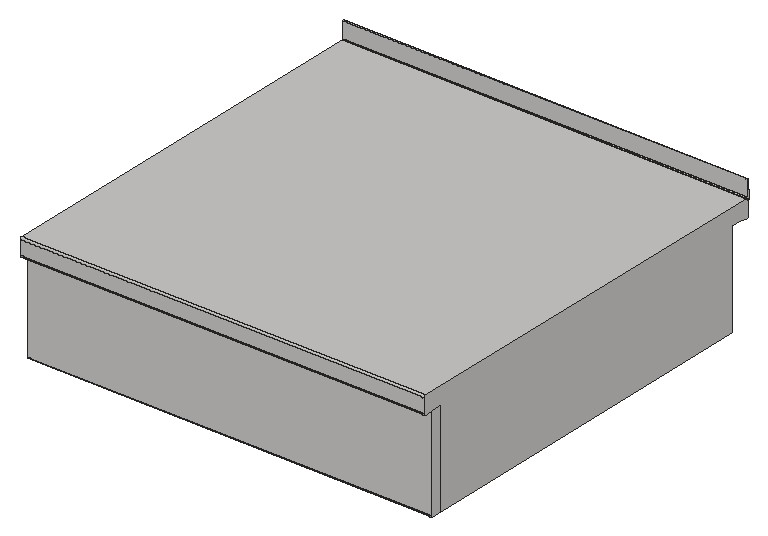
Revit family "QF_ELECTROLUXPROFESSIONAL_589167_MCNABBIOOO", category Specialty Equipment, Revit 2018
Family settings
  Round Connector Dimension = Use Diameter
  Part Type = Normal
  Work Plane-Based = No
  Always vertical = Yes
  Cut with Voids When Loaded = No
  Shared = No
  Room Calculation Point = No
Parameters
  Weight in Pounds = 70.54
  URL Cutsheet = "www.electrolux.com/professional"
  URL = "www.electrolux.com/professional"
  Type Mark [instance] = ""
  Status [instance] = ""
  Specification by User [instance] = ""
  Specification by Manufacturer = ""
  Serial Number = ""
  Seismic Rating = ""
  SMACNA No = ""
  Revision Code [instance] = ""
  Omniclass Number and Title = ""
  NAFEM Spec ID Number = ""
  Model = "589167"
  Masterspec = ""
  Manufacturer = "ELECTROLUX"
  Item Number [instance] = ""
  Installed By [instance] = ""
  Identify Quantity as Lot [instance] = yes
  Furnished By [instance] = ""
  Foodservice Equipment Identifier [instance] = yes
  Direct Waste Size = 0"
  Description = "WORK TOP,CLOSED,1-S,BACKSPL,900X900X250H"
  CSI MasterFormat = ""
  CSI Master Format = ""
Reference planes
  plane 1 "BACK": y = 0
  plane 2: z = 0
  plane 3 "LEFT": x = 0
  plane 4 "RIGHT": x = 900
  plane 5 "FRONT": y = -900
  plane 6 "TOP": z = 250
  plane 7 "Center Y": x = 450
  plane 8 "Center X": y = -450
  plane 9: z = 288
Forms (mm)
  Extrusion 1, solid, material "QF_Finishes_Stainless Steel"
    sketch origin (0, 50.048, 0) x (0, 1, 0) y (0, 0, 1)
      loop
        line (-95.048, 213) -> (-71.412, 213) -> (-54.743, 210.061)
        arc (-54.743, 210.061) -> (-51.477, 210.936) -> (-50.048, 214) r 4
        line (-50.048, 214) -> (-50.048, 246)
        arc (-50.048, 246) -> (-51.22, 248.828) -> (-54.048, 250) r 4
        line (-54.048, 250) -> (-946.048, 250)
        arc (-946.048, 250) -> (-948.877, 248.828) -> (-950.048, 246) r 4
        line (-950.048, 246) -> (-950.048, 214)
        arc (-950.048, 214) -> (-948.619, 210.936) -> (-945.353, 210.061) r 4
        line (-945.353, 210.061) -> (-928.509, 213) -> (-905.048, 213) -> (-905.048, 0) -> (-95.048, 0) -> (-95.048, 213)
    from 0 to 900
  Extrusion 2, solid, material "QF_Finishes_Stainless Steel"
    sketch origin (0, 50.048, 0) x (0, 1, 0) y (0, 0, 1)
      loop
        arc (-928.048, 213) -> (-929.462, 212.414) -> (-930.048, 211) r 2
        line (-930.048, 211) -> (-930.048, 2)
        arc (-930.048, 2) -> (-929.462, 0.586) -> (-928.048, 0) r 2
        line (-928.048, 0) -> (-905.048, 0) -> (-905.048, 213) -> (-928.048, 213)
    from 0 to 900
  Extrusion 3, solid, material "QF_Finishes_Stainless Steel"
    sketch origin (0, -950.048, 0) x (0, -1, 0) y (0, 0, -1)
      loop
        arc (-948.097, -252.006) -> (-947.511, -250.592) -> (-946.097, -250.006) r 2
        arc (-946.097, -250.006) -> (-948.877, -248.828) -> (-950.048, -246) r 4
        line (-950.048, -246) -> (-950.048, -288.006) -> (-948.097, -288.006) -> (-948.097, -252.006)
    from 0 to 900
Lines and regions (mm)
  symbolic lines
    curve 1: line (0, 0, 0) -> (900, 0, 0)
    curve 2: line (0, -900, 0) -> (0, 0, 0)
    curve 3: line (900, -900, 0) -> (0, -900, 0)
    curve 4: line (900, 0, 0) -> (900, -900, 0)
    curve 5: line (0, -1.951, 0) -> (900, -1.951, 0)
Dimensions and locks
  equal spacing: plane 3 "LEFT", plane 7 "Center Y", plane 4 "RIGHT"
  plane 3 "LEFT" to plane 4 "RIGHT" = 900.00 mm
  equal spacing: plane 5 "FRONT", plane 8 "Center X", plane 1 "BACK"
  plane 5 "FRONT" to plane 1 "BACK" = 900.00 mm
  plane 6 "TOP" to level = 250.00 mm
  plane 9 to level = 288.00 mm
  plane 9 to plane 6 "TOP" = 38.00 mm
  aligned and locked: level to plane 2
  aligned and locked: Extrusion 1 to plane 4 "RIGHT"
  aligned and locked: Extrusion 2 to plane 4 "RIGHT"
  aligned and locked: Extrusion 3 to plane 4 "RIGHT"
Automatic sketch dimensions
  Extrusion 1 sketch curve to plane 5 "FRONT" = 0.00 mm
  Extrusion 1 sketch curve to plane 6 "TOP" = 0.00 mm
  Extrusion 1 sketch curve to level = 0.00 mm
  Extrusion 1 sketch curve to plane 1 "BACK" = 0.00 mm
  Extrusion 1 sketch curve to plane 5 "FRONT" = 4.695 mm
  Extrusion 1 sketch curve to plane 6 "TOP" = 39.939 mm
  Extrusion 1 sketch curve to plane 5 "FRONT" = 4.00 mm  (x2)
  Extrusion 1 sketch curve to Extrusion 1 sketch curve = 16.844 mm
  Extrusion 1 sketch curve to plane 5 "FRONT" = 45.00 mm
  plane 1 "BACK" to Extrusion 1 sketch curve = 45.00 mm
  plane 1 "BACK" to Extrusion 1 sketch curve = 21.364 mm
  plane 1 "BACK" to Extrusion 1 sketch curve = 4.00 mm
  plane 1 "BACK" to Extrusion 1 sketch curve = 4.695 mm
  Extrusion 1 sketch curve to Extrusion 1 sketch curve = 0.00 mm  (x2)
  Extrusion 1 sketch curve to Extrusion 1 sketch curve = 4.00 mm
  Extrusion 1 sketch curve to plane 6 "TOP" = 37.00 mm  (x2)
  Extrusion 1 sketch curve to Extrusion 1 sketch curve = 1.00 mm
  Extrusion 2 sketch curve to level = 0.00 mm
  Extrusion 2 sketch curve to plane 5 "FRONT" = 20.00 mm
  level to Extrusion 2 sketch curve = 2.00 mm
  Extrusion 2 sketch curve to Extrusion 2 sketch curve = 2.00 mm
  Extrusion 2 sketch curve to Extrusion 2 sketch curve = 23.00 mm
  Extrusion 2 sketch curve to plane 6 "TOP" = 39.00 mm
  Extrusion 3 sketch curve to plane 1 "BACK" = 0.00 mm  (x2)
  Extrusion 3 sketch curve to plane 6 "TOP" = 2.006 mm
  Extrusion 3 sketch curve to plane 6 "TOP" = 0.00 mm
  Extrusion 3 sketch curve to plane 9 = 0.006 mm
  Extrusion 3 sketch curve to Extrusion 3 sketch curve = 1.951 mm
  Extrusion 3 sketch curve to Extrusion 3 sketch curve = 2.00 mm
  Extrusion 3 sketch curve to Extrusion 3 sketch curve = 0.049 mm
  Extrusion 3 sketch curve to Extrusion 3 sketch curve = 0.00 mm
  plane 1 "BACK" to curve 1 = 0.00 mm
  curve 1 to plane 3 "LEFT" = 0.00 mm
  curve 1 to plane 4 "RIGHT" = 0.00 mm
  plane 5 "FRONT" to curve 4 = 0.00 mm
  curve 5 to curve 1 = 1.951 mm
